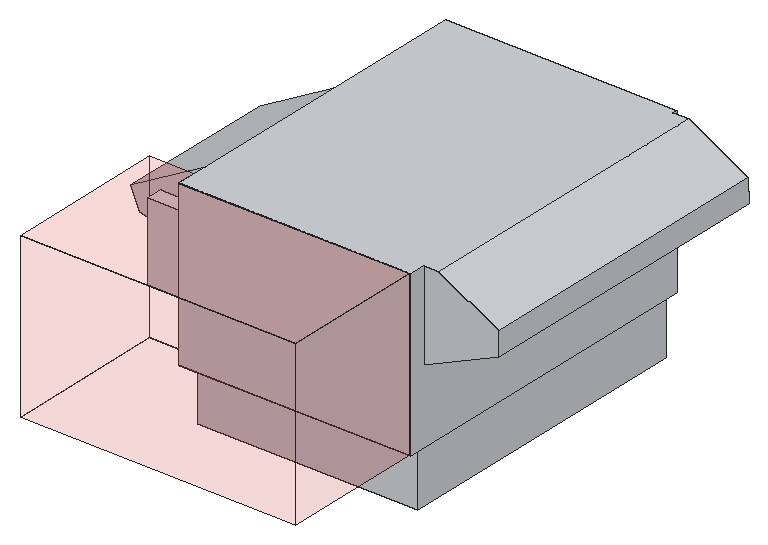
Revit family
Parameters (values of type "115 V Single Phase")
  Weight Scheduled [instance] = 915  # constant formula
  Voltage Workaround = Voltage / 1 V  # 115
  Voltage Scheduled = Voltage  # 115 V
  Voltage = 115 V
  VoltAmps Workaround [instance] = Voltage Workaround * Total FLA * sqrt(Phase)  # 0
  VoltAmps [instance] = VoltAmps Workaround * 1 VA  # 0 VA
  VFD [instance] = yes
  URL = "http://www.renewaire.com/_assets/files/SubmittalForms/HE4XRTSubmittal.pdf"
  Total FLA [instance] = if(or(Supply Motor FLA = 0, Exhaust Motor FLA = 0), 0, (Supply Motor FLA * Supply Motor Count) + (Exhaust Motor FLA * Exhaust Motor Count))  # 0
  Supply Motor RPM Scheduled [instance] = Supply Motor RPM  # 0
  Supply Motor RPM [instance] = if(and(or(Supply ESP = 0, Supply ESP > 0), Supply ESP < 0.25), if(Supply Motor HP = 2, if(Supply CFM > 3465 CFM, 0, if(Supply CFM > 3099 CFM, 1326, 1186)), if(Supply Motor HP = 3, if(Supply CFM > 3812 CFM, 0, 1455), if(Supply Motor HP = 5, if(Supply CFM > 4165 CFM, 0, 1623), 0))), if(and(or(Supply ESP = 0.25, Supply ESP > 0.25), Supply ESP < 0.5), if(Supply Motor HP = 2, if(Supply CFM > 3185 CFM, 0, if(Supply CFM > 2790 CFM, 1326, 1186)), if(Supply Motor HP = 3, if(Supply CFM > 3750 CFM, 0, if(Supply CFM > 3550 CFM, 1527, 1455)), if(Supply Motor HP = 5, if(Supply CFM > 4240 CFM, 0, if(Supply CFM > 3965 CFM, 1728, 1623)), 0))), if(and(or(Supply ESP = 0.5, Supply ESP > 0.5), Supply ESP < 0.75), if(Supply Motor HP = 2, if(Supply CFM > 2810 CFM, 0, if(Supply CFM > 2295 CFM, 1326, 1186)), if(Supply Motor HP = 3, if(Supply CFM > 3500 CFM, 0, if(Supply CFM > 3285 CFM, 1527, 1455)), if(Supply Motor HP = 5, if(Supply CFM > 4345 CFM, 0, if(Supply CFM > 4050 CFM, 1832, if(Supply CFM > 3750 CFM, 1728, 1623))), 0))), if(and(or(Supply ESP = 0.75, Supply ESP > 0.75), Supply ESP < 1), if(Supply Motor HP = 2, if(Supply CFM > 2335 CFM, 0, if(Supply CFM > 1790 CFM, 1326, 1186)), if(Supply Motor HP = 3, if(Supply CFM > 3350 CFM, 0, if(Supply CFM > 3085 CFM, 1598, if(Supply CFM > 2820 CFM, 1527, 1455))), if(Supply Motor HP = 5, if(Supply CFM > 4140 CFM, 0, if(Supply CFM > 3820 CFM, 1832, if(Supply CFM > 3475 CFM, 1728, 1623))), 0))), if(and(or(Supply ESP = 1, Supply ESP > 1), Supply ESP < 1.25), if(Supply Motor HP = 2, if(Supply CFM > 2451 CFM, 0, if(Supply CFM > 1885 CFM, 1466, if(Supply CFM > 1150 CFM, 1326, 1186))), if(Supply Motor HP = 3, if(Supply CFM > 3210 CFM, 0, if(Supply CFM > 2950 CFM, 1670, if(Supply CFM > 2676 CFM, 1598, if(Supply CFM > 2400 CFM, 1527, 1455)))), if(Supply Motor HP = 5, if(Supply CFM > 3850 CFM, 0, if(Supply CFM > 3450 CFM, 1832, if(Supply CFM > 3055 CFM, 1728, 1623))), 0))), if(and(or(Supply ESP = 1.25, Supply ESP > 1.25), Supply ESP < 1.5), if(Supply Motor HP = 2, if(Supply CFM > 2026 CFM, 0, if(Supply CFM > 1290 CFM, 1466, 1326)), if(Supply Motor HP = 3, if(Supply CFM > 2870 CFM, 0, if(Supply CFM > 2590 CFM, 1670, if(Supply CFM > 2300 CFM, 1598, if(Supply CFM > 1970 CFM, 1527, 1455)))), if(Supply Motor HP = 5, if(Supply CFM > 3490 CFM, 0, if(Supply CFM > 3050 CFM, 1832, if(Supply CFM > 2685 CFM, 1728, 1623))), 0))), if(Supply ESP = 1.5, if(Supply Motor HP = 2, if(Supply CFM > 1485 CFM, 0, 1466), if(Supply Motor HP = 3, if(Supply CFM > 2800 CFM, 0, if(Supply CFM > 2500 CFM, 1742, if(Supply CFM > 2175 CFM, 1670, if(Supply CFM > 1815 CFM, 1598, if(Supply CFM > 1450 CFM, 1527, 1455))))), if(Supply Motor HP = 5, if(Supply CFM > 3145 CFM, 0, if(Supply CFM > 2720 CFM, 1832, if(Supply CFM > 2290 CFM, 1728, 1623))), 0))), 0)))))))  # 0
  Supply Motor HP Scheduled [instance] = Supply Motor HP  # 0
  Supply Motor HP [instance] = 0
  Supply Motor FLA [instance] = if(VFD, if(Supply Motor BHP = 0, 0, if(Supply Motor HP = 2, if(and(or(Voltage = 208 V, Voltage = 230 V), Phase = 1), 6.1, if(and(or(Voltage = 208 V, Voltage = 230 V), Phase = 3), 6.1, if(and(Voltage = 460 V, Phase = 3), 2.9, if(and(Voltage = 575 V, Phase = 3), 2.4, 0)))), if(Supply Motor HP = 3, if(and(or(Voltage = 208 V, Voltage = 230 V), Phase = 1), 9.4, if(and(or(Voltage = 208 V, Voltage = 230 V), Phase = 3), 9.4, if(and(Voltage = 460 V, Phase = 3), 4.24, if(and(Voltage = 575 V, Phase = 3), 3.3, 0)))), if(Supply Motor HP = 5, if(and(or(Voltage = 208 V, Voltage = 230 V), Phase = 3), 14.5, if(and(Voltage = 460 V, Phase = 3), 6.7, if(and(Voltage = 575 V, Phase = 3), 5.3, 0))), 0)))), if(Supply Motor BHP = 0, 0, if(Supply Motor HP = 2, if(and(Voltage = 115 V, Phase = 1), 20, if(and(or(Voltage = 208 V, Voltage = 230 V), Phase = 1), 10.8, if(and(or(Voltage = 208 V, Voltage = 230 V), Phase = 3), 6.1, if(and(Voltage = 460 V, Phase = 3), 2.9, if(and(Voltage = 575 V, Phase = 3), 2.4, 0))))), if(Supply Motor HP = 3, if(and(or(Voltage = 208 V, Voltage = 230 V), Phase = 1), 13, if(and(or(Voltage = 208 V, Voltage = 230 V), Phase = 3), 9.4, if(and(Voltage = 460 V, Phase = 3), 4.2, if(and(Voltage = 575 V, Phase = 3), 3.3, 0)))), if(Supply Motor HP = 5, if(and(or(Voltage = 208 V, Voltage = 230 V), Phase = 3), 14.5, if(and(Voltage = 460 V, Phase = 3), 6.7, if(and(Voltage = 575 V, Phase = 3), 5.3, 0))), 0)))))  # 0
  Supply Motor Count Scheduled [instance] = Supply Motor Count  # 1
  Supply Motor Count [instance] = 1  # constant formula
  Supply Motor BHP [instance] = if(and(or(Supply ESP = 0, Supply ESP > 0), Supply ESP < 0.25), if(Supply Motor HP = 2, if(Supply CFM > 3465 CFM, 0, if(Supply CFM > 3099 CFM, 2.2, 1.5)), if(Supply Motor HP = 3, if(Supply CFM > 3812 CFM, 0, 2.7), if(Supply Motor HP = 5, if(Supply CFM > 4165 CFM, 0, 3.7), 0))), if(and(or(Supply ESP = 0.25, Supply ESP > 0.25), Supply ESP < 0.5), if(Supply Motor HP = 2, if(Supply CFM > 3185 CFM, 0, if(Supply CFM > 2790 CFM, 1.9, 1.3)), if(Supply Motor HP = 3, if(Supply CFM > 3750 CFM, 0, if(Supply CFM > 3550 CFM, 2.9, 2.5)), if(Supply Motor HP = 5, if(Supply CFM > 4240 CFM, 0, if(Supply CFM > 3965 CFM, 4.3, 3.5)), 0))), if(and(or(Supply ESP = 0.5, Supply ESP > 0.5), Supply ESP < 0.75), if(Supply Motor HP = 2, if(Supply CFM > 2810 CFM, 0, if(Supply CFM > 2295 CFM, 1.7, 1.1)), if(Supply Motor HP = 3, if(Supply CFM > 3500 CFM, 0, if(Supply CFM > 3285 CFM, 2.7, 2.3)), if(Supply Motor HP = 5, if(Supply CFM > 4345 CFM, 0, if(Supply CFM > 4050 CFM, 4.9, if(Supply CFM > 3750 CFM, 4, 3.3))), 0))), if(and(or(Supply ESP = 0.75, Supply ESP > 0.75), Supply ESP < 1), if(Supply Motor HP = 2, if(Supply CFM > 2335 CFM, 0, if(Supply CFM > 1790 CFM, 1.4, 0.8)), if(Supply Motor HP = 3, if(Supply CFM > 3350 CFM, 0, if(Supply CFM > 3085 CFM, 2.6, if(Supply CFM > 2820 CFM, 2.4, 2))), if(Supply Motor HP = 5, if(Supply CFM > 4140 CFM, 0, if(Supply CFM > 3820 CFM, 4.5, if(Supply CFM > 3475 CFM, 3.7, 3))), 0))), if(and(or(Supply ESP = 1, Supply ESP > 1), Supply ESP < 1.25), if(Supply Motor HP = 2, if(Supply CFM > 2451 CFM, 0, if(Supply CFM > 1885 CFM, 1.8, if(Supply CFM > 1150 CFM, 1.2, 0.6))), if(Supply Motor HP = 3, if(Supply CFM > 3210 CFM, 0, if(Supply CFM > 2950 CFM, 3, if(Supply CFM > 2676 CFM, 2.6, if(Supply CFM > 2400 CFM, 2.1, 1.7)))), if(Supply Motor HP = 5, if(Supply CFM > 3850 CFM, 0, if(Supply CFM > 3450 CFM, 4.2, if(Supply CFM > 3055 CFM, 3.3, 2.5))), 0))), if(and(or(Supply ESP = 1.25, Supply ESP > 1.25), Supply ESP < 1.5), if(Supply Motor HP = 2, if(Supply CFM > 2026 CFM, 0, if(Supply CFM > 1290 CFM, 1.5, 0.9)), if(Supply Motor HP = 3, if(Supply CFM > 2870 CFM, 0, if(Supply CFM > 2590 CFM, 2.7, if(Supply CFM > 2300 CFM, 2.3, if(Supply CFM > 1970 CFM, 1.9, 1.5)))), if(Supply Motor HP = 5, if(Supply CFM > 3490 CFM, 0, if(Supply CFM > 3050 CFM, 3.7, if(Supply CFM > 2685 CFM, 3, 2.3))), 0))), if(Supply ESP = 1.5, if(Supply Motor HP = 2, if(Supply CFM > 1485 CFM, 0, 1.2), if(Supply Motor HP = 3, if(Supply CFM > 2800 CFM, 0, if(Supply CFM > 2500 CFM, 2.9, if(Supply CFM > 2175 CFM, 2.4, if(Supply CFM > 1815 CFM, 2, if(Supply CFM > 1450 CFM, 1.5, 1.2))))), if(Supply Motor HP = 5, if(Supply CFM > 3145 CFM, 0, if(Supply CFM > 2720 CFM, 3.3, if(Supply CFM > 2290 CFM, 2.6, 2))), 0))), 0)))))))  # 0
  Supply ESP Scheduled [instance] = Supply ESP  # 0
  Supply ESP [instance] = 0
  Supply CFM Scheduled [instance] = Supply CFM  # 0 CFM
  Supply CFM [instance] = 0 CFM
  Supply Air Winter RH Scheduled [instance] = 0
  Supply Air Winter DB Scheduled [instance] = 0
  Supply Air Summer RH Scheduled [instance] = 0
  Supply Air Summer DB Scheduled [instance] = 0
  Phase Scheduled = Phase  # 3
  Phase = 3
  Outside Air Winter RH Scheduled [instance] = 0
  Outside Air Winter DB Scheduled [instance] = 0
  Outside Air Summer RH Scheduled [instance] = 0
  Outside Air Summer DB Scheduled [instance] = 0
  Number of Poles = 1
  Model = "HE4XRTV"
  Manufacturer = "RenewAire"
  MOCP Scheduled [instance] = MOCP  # 0
  MOCP [instance] = if(VFD, if(Total FLA = 0, 0, if(and(or(Voltage = 208 V, Voltage = 230 V), Phase = 1), if(and(Supply Motor HP = 2, Exhaust Motor HP = 2), 30, if(and(Supply Motor HP = 2, Exhaust Motor HP = 3), 40, if(and(Supply Motor HP = 3, Exhaust Motor HP = 2), 40, if(and(Supply Motor HP = 3, Exhaust Motor HP = 3), 45, 0)))), if(and(or(Voltage = 208 V, Voltage = 230 V), Phase = 3), if(and(Supply Motor HP = 2, Exhaust Motor HP = 2), 15, if(and(Supply Motor HP = 2, Exhaust Motor HP = 3), 25, if(and(Supply Motor HP = 2, Exhaust Motor HP = 5), 35, if(and(Supply Motor HP = 3, Exhaust Motor HP = 2), 25, if(and(Supply Motor HP = 3, Exhaust Motor HP = 3), 25, if(and(Supply Motor HP = 3, Exhaust Motor HP = 5), 40, if(and(Supply Motor HP = 5, Exhaust Motor HP = 2), 35, if(and(Supply Motor HP = 5, Exhaust Motor HP = 3), 40, if(and(Supply Motor HP = 5, Exhaust Motor HP = 5), 45, 0))))))))), if(and(Voltage = 460 V, Phase = 3), if(and(Supply Motor HP = 2, Exhaust Motor HP = 2), 15, if(and(Supply Motor HP = 2, Exhaust Motor HP = 3), 15, if(and(Supply Motor HP = 2, Exhaust Motor HP = 5), 15, if(and(Supply Motor HP = 3, Exhaust Motor HP = 2), 15, if(and(Supply Motor HP = 3, Exhaust Motor HP = 3), 15, if(and(Supply Motor HP = 3, Exhaust Motor HP = 5), 15, if(and(Supply Motor HP = 5, Exhaust Motor HP = 2), 15, if(and(Supply Motor HP = 5, Exhaust Motor HP = 3), 15, if(and(Supply Motor HP = 5, Exhaust Motor HP = 5), 20, 0))))))))), if(and(Voltage = 575 V, Phase = 3), if(and(Supply Motor HP = 2, Exhaust Motor HP = 2), 15, if(and(Supply Motor HP = 2, Exhaust Motor HP = 3), 15, if(and(Supply Motor HP = 2, Exhaust Motor HP = 5), 15, if(and(Supply Motor HP = 3, Exhaust Motor HP = 2), 15, if(and(Supply Motor HP = 3, Exhaust Motor HP = 3), 15, if(and(Supply Motor HP = 3, Exhaust Motor HP = 5), 15, if(and(Supply Motor HP = 5, Exhaust Motor HP = 2), 15, if(and(Supply Motor HP = 5, Exhaust Motor HP = 3), 15, if(and(Supply Motor HP = 5, Exhaust Motor HP = 5), 15, 0))))))))), 0))))), if(Total FLA = 0, 0, if(and(Voltage = 115 V, Phase = 1), if(and(Supply Motor HP = 2, Exhaust Motor HP = 2), 60, 0), if(and(or(Voltage = 208 V, Voltage = 230 V), Phase = 1), if(and(Supply Motor HP = 2, Exhaust Motor HP = 2), 35, if(and(Supply Motor HP = 2, Exhaust Motor HP = 3), 40, if(and(Supply Motor HP = 3, Exhaust Motor HP = 2), 40, if(and(Supply Motor HP = 3, Exhaust Motor HP = 3), 40, 0)))), if(and(or(Voltage = 208 V, Voltage = 230 V), Phase = 3), if(and(Supply Motor HP = 2, Exhaust Motor HP = 2), 15, if(and(Supply Motor HP = 2, Exhaust Motor HP = 3), 25, if(and(Supply Motor HP = 2, Exhaust Motor HP = 5), 35, if(and(Supply Motor HP = 3, Exhaust Motor HP = 2), 25, if(and(Supply Motor HP = 3, Exhaust Motor HP = 3), 25, if(and(Supply Motor HP = 3, Exhaust Motor HP = 5), 40, if(and(Supply Motor HP = 5, Exhaust Motor HP = 2), 35, if(and(Supply Motor HP = 5, Exhaust Motor HP = 3), 40, if(and(Supply Motor HP = 5, Exhaust Motor HP = 5), 45, 0))))))))), if(and(Voltage = 460 V, Phase = 3), if(and(Supply Motor HP = 2, Exhaust Motor HP = 2), 15, if(and(Supply Motor HP = 2, Exhaust Motor HP = 3), 15, if(and(Supply Motor HP = 2, Exhaust Motor HP = 5), 15, if(and(Supply Motor HP = 3, Exhaust Motor HP = 2), 15, if(and(Supply Motor HP = 3, Exhaust Motor HP = 3), 15, if(and(Supply Motor HP = 3, Exhaust Motor HP = 5), 15, if(and(Supply Motor HP = 5, Exhaust Motor HP = 2), 15, if(and(Supply Motor HP = 5, Exhaust Motor HP = 3), 15, if(and(Supply Motor HP = 5, Exhaust Motor HP = 5), 20, 0))))))))), if(and(Voltage = 575 V, Phase = 3), if(and(Supply Motor HP = 2, Exhaust Motor HP = 2), 15, if(and(Supply Motor HP = 2, Exhaust Motor HP = 3), 15, if(and(Supply Motor HP = 2, Exhaust Motor HP = 5), 15, if(and(Supply Motor HP = 3, Exhaust Motor HP = 2), 15, if(and(Supply Motor HP = 3, Exhaust Motor HP = 3), 15, if(and(Supply Motor HP = 3, Exhaust Motor HP = 5), 15, if(and(Supply Motor HP = 5, Exhaust Motor HP = 2), 15, if(and(Supply Motor HP = 5, Exhaust Motor HP = 3), 15, if(and(Supply Motor HP = 5, Exhaust Motor HP = 5), 15, 0))))))))), 0)))))))  # 0
  MCA Scheduled [instance] = MCA  # 0
  MCA [instance] = if(VFD, if(Total FLA = 0, 0, if(and(or(Voltage = 208 V, Voltage = 230 V), Phase = 1), if(and(Supply Motor HP = 2, Exhaust Motor HP = 2), 26, if(and(Supply Motor HP = 2, Exhaust Motor HP = 3), 33.9, if(and(Supply Motor HP = 3, Exhaust Motor HP = 2), 33.9, if(and(Supply Motor HP = 3, Exhaust Motor HP = 3), 40.2, 0)))), if(and(or(Voltage = 208 V, Voltage = 230 V), Phase = 3), if(and(Supply Motor HP = 2, Exhaust Motor HP = 2), 15, if(and(Supply Motor HP = 2, Exhaust Motor HP = 3), 19.6, if(and(Supply Motor HP = 2, Exhaust Motor HP = 5), 26.6, if(and(Supply Motor HP = 3, Exhaust Motor HP = 2), 19.6, if(and(Supply Motor HP = 3, Exhaust Motor HP = 3), 23.2, if(and(Supply Motor HP = 3, Exhaust Motor HP = 5), 30.3, if(and(Supply Motor HP = 5, Exhaust Motor HP = 2), 26.6, if(and(Supply Motor HP = 5, Exhaust Motor HP = 3), 30.3, if(and(Supply Motor HP = 5, Exhaust Motor HP = 5), 35.9, 0))))))))), if(and(Voltage = 460 V, Phase = 3), if(and(Supply Motor HP = 2, Exhaust Motor HP = 2), 7.2, if(and(Supply Motor HP = 2, Exhaust Motor HP = 3), 9, if(and(Supply Motor HP = 2, Exhaust Motor HP = 5), 12.4, if(and(Supply Motor HP = 3, Exhaust Motor HP = 2), 9, if(and(Supply Motor HP = 3, Exhaust Motor HP = 3), 10.5, if(and(Supply Motor HP = 3, Exhaust Motor HP = 5), 13.9, if(and(Supply Motor HP = 5, Exhaust Motor HP = 2), 12.4, if(and(Supply Motor HP = 5, Exhaust Motor HP = 3), 13.9, if(and(Supply Motor HP = 5, Exhaust Motor HP = 5), 16.6, 0))))))))), if(and(Voltage = 575 V, Phase = 3), if(and(Supply Motor HP = 2, Exhaust Motor HP = 2), 5.9, if(and(Supply Motor HP = 2, Exhaust Motor HP = 3), 7.2, if(and(Supply Motor HP = 2, Exhaust Motor HP = 5), 9.9, if(and(Supply Motor HP = 3, Exhaust Motor HP = 2), 7.2, if(and(Supply Motor HP = 3, Exhaust Motor HP = 3), 8.2, if(and(Supply Motor HP = 3, Exhaust Motor HP = 5), 10.9, if(and(Supply Motor HP = 5, Exhaust Motor HP = 2), 9.9, if(and(Supply Motor HP = 5, Exhaust Motor HP = 3), 10.9, if(and(Supply Motor HP = 5, Exhaust Motor HP = 5), 13.1, 0))))))))), 0))))), if(Total FLA = 0, 0, if(and(Voltage = 115 V, Phase = 1), if(and(Supply Motor HP = 2, Exhaust Motor HP = 2), 45, 0), if(and(or(Voltage = 208 V, Voltage = 230 V), Phase = 1), if(and(Supply Motor HP = 2, Exhaust Motor HP = 2), 24.3, if(and(Supply Motor HP = 2, Exhaust Motor HP = 3), 27.1, if(and(Supply Motor HP = 3, Exhaust Motor HP = 2), 27.1, if(and(Supply Motor HP = 3, Exhaust Motor HP = 3), 29.3, 0)))), if(and(or(Voltage = 208 V, Voltage = 230 V), Phase = 3), if(and(Supply Motor HP = 2, Exhaust Motor HP = 2), 13.6, if(and(Supply Motor HP = 2, Exhaust Motor HP = 3), 17.8, if(and(Supply Motor HP = 2, Exhaust Motor HP = 5), 24.2, if(and(Supply Motor HP = 3, Exhaust Motor HP = 2), 17.8, if(and(Supply Motor HP = 3, Exhaust Motor HP = 3), 21.1, if(and(Supply Motor HP = 3, Exhaust Motor HP = 5), 27.5, if(and(Supply Motor HP = 5, Exhaust Motor HP = 2), 24.2, if(and(Supply Motor HP = 5, Exhaust Motor HP = 3), 27.5, if(and(Supply Motor HP = 5, Exhaust Motor HP = 5), 32.6, 0))))))))), if(and(Voltage = 460 V, Phase = 3), if(and(Supply Motor HP = 2, Exhaust Motor HP = 2), 6.5, if(and(Supply Motor HP = 2, Exhaust Motor HP = 3), 8.2, if(and(Supply Motor HP = 2, Exhaust Motor HP = 5), 11.3, if(and(Supply Motor HP = 3, Exhaust Motor HP = 2), 8.2, if(and(Supply Motor HP = 3, Exhaust Motor HP = 3), 9.5, if(and(Supply Motor HP = 3, Exhaust Motor HP = 5), 12.6, if(and(Supply Motor HP = 5, Exhaust Motor HP = 2), 11.3, if(and(Supply Motor HP = 5, Exhaust Motor HP = 3), 12.6, if(and(Supply Motor HP = 5, Exhaust Motor HP = 5), 15.1, 0))))))))), if(and(Voltage = 575 V, Phase = 3), if(and(Supply Motor HP = 2, Exhaust Motor HP = 2), 5.4, if(and(Supply Motor HP = 2, Exhaust Motor HP = 3), 6.5, if(and(Supply Motor HP = 2, Exhaust Motor HP = 5), 9, if(and(Supply Motor HP = 3, Exhaust Motor HP = 2), 6.5, if(and(Supply Motor HP = 3, Exhaust Motor HP = 3), 7.4, if(and(Supply Motor HP = 3, Exhaust Motor HP = 5), 9.9, if(and(Supply Motor HP = 5, Exhaust Motor HP = 2), 9, if(and(Supply Motor HP = 5, Exhaust Motor HP = 3), 9.9, if(and(Supply Motor HP = 5, Exhaust Motor HP = 5), 11.9, 0))))))))), 0)))))))  # 0
  FLA Scheduled [instance] = Total FLA  # 0
  Exhaust RH Scheduled [instance] = 0
  Exhaust Motor RPM Scheduled [instance] = Exhaust Motor RPM  # 0
  Exhaust Motor RPM [instance] = if(and(or(Exhaust ESP = 0, Exhaust ESP > 0), Exhaust ESP < 0.25), if(Exhaust Motor HP = 2, if(Exhaust CFM > 3465 CFM, 0, if(Exhaust CFM > 3099 CFM, 1326, 1186)), if(Exhaust Motor HP = 3, if(Exhaust CFM > 3812 CFM, 0, 1455), if(Exhaust Motor HP = 5, if(Exhaust CFM > 4165 CFM, 0, 1623), 0))), if(and(or(Exhaust ESP = 0.25, Exhaust ESP > 0.25), Exhaust ESP < 0.5), if(Exhaust Motor HP = 2, if(Exhaust CFM > 3185 CFM, 0, if(Exhaust CFM > 2790 CFM, 1326, 1186)), if(Exhaust Motor HP = 3, if(Exhaust CFM > 3750 CFM, 0, if(Exhaust CFM > 3550 CFM, 1527, 1455)), if(Exhaust Motor HP = 5, if(Exhaust CFM > 4240 CFM, 0, if(Exhaust CFM > 3965 CFM, 1728, 1623)), 0))), if(and(or(Exhaust ESP = 0.5, Exhaust ESP > 0.5), Exhaust ESP < 0.75), if(Exhaust Motor HP = 2, if(Exhaust CFM > 2810 CFM, 0, if(Exhaust CFM > 2295 CFM, 1326, 1186)), if(Exhaust Motor HP = 3, if(Exhaust CFM > 3500 CFM, 0, if(Exhaust CFM > 3285 CFM, 1527, 1455)), if(Exhaust Motor HP = 5, if(Exhaust CFM > 4345 CFM, 0, if(Exhaust CFM > 4050 CFM, 1832, if(Exhaust CFM > 3750 CFM, 1728, 1623))), 0))), if(and(or(Exhaust ESP = 0.75, Exhaust ESP > 0.75), Exhaust ESP < 1), if(Exhaust Motor HP = 2, if(Exhaust CFM > 2335 CFM, 0, if(Exhaust CFM > 1790 CFM, 1326, 1186)), if(Exhaust Motor HP = 3, if(Exhaust CFM > 3350 CFM, 0, if(Exhaust CFM > 3085 CFM, 1598, if(Exhaust CFM > 2820 CFM, 1527, 1455))), if(Exhaust Motor HP = 5, if(Exhaust CFM > 4140 CFM, 0, if(Exhaust CFM > 3820 CFM, 1832, if(Exhaust CFM > 3475 CFM, 1728, 1623))), 0))), if(and(or(Exhaust ESP = 1, Exhaust ESP > 1), Exhaust ESP < 1.25), if(Exhaust Motor HP = 2, if(Exhaust CFM > 2451 CFM, 0, if(Exhaust CFM > 1885 CFM, 1466, if(Exhaust CFM > 1150 CFM, 1326, 1186))), if(Exhaust Motor HP = 3, if(Exhaust CFM > 3210 CFM, 0, if(Exhaust CFM > 2950 CFM, 1670, if(Exhaust CFM > 2676 CFM, 1598, if(Exhaust CFM > 2400 CFM, 1527, 1455)))), if(Exhaust Motor HP = 5, if(Exhaust CFM > 3850 CFM, 0, if(Exhaust CFM > 3450 CFM, 1832, if(Exhaust CFM > 3055 CFM, 1728, 1623))), 0))), if(and(or(Exhaust ESP = 1.25, Exhaust ESP > 1.25), Exhaust ESP < 1.5), if(Exhaust Motor HP = 2, if(Exhaust CFM > 2026 CFM, 0, if(Exhaust CFM > 1290 CFM, 1466, 1326)), if(Exhaust Motor HP = 3, if(Exhaust CFM > 2870 CFM, 0, if(Exhaust CFM > 2590 CFM, 1670, if(Exhaust CFM > 2300 CFM, 1598, if(Exhaust CFM > 1970 CFM, 1527, 1455)))), if(Exhaust Motor HP = 5, if(Exhaust CFM > 3490 CFM, 0, if(Exhaust CFM > 3050 CFM, 1832, if(Exhaust CFM > 2685 CFM, 1728, 1623))), 0))), if(Exhaust ESP = 1.5, if(Exhaust Motor HP = 2, if(Exhaust CFM > 1485 CFM, 0, 1466), if(Exhaust Motor HP = 3, if(Exhaust CFM > 2800 CFM, 0, if(Exhaust CFM > 2500 CFM, 1742, if(Exhaust CFM > 2175 CFM, 1670, if(Exhaust CFM > 1815 CFM, 1598, if(Exhaust CFM > 1450 CFM, 1527, 1455))))), if(Exhaust Motor HP = 5, if(Exhaust CFM > 3145 CFM, 0, if(Exhaust CFM > 2720 CFM, 1832, if(Exhaust CFM > 2290 CFM, 1728, 1623))), 0))), 0)))))))  # 0
  Exhaust Motor HP Scheduled [instance] = Exhaust Motor HP  # 0
  Exhaust Motor HP [instance] = 0
  Exhaust Motor FLA [instance] = if(Exhaust Motor BHP = 0, 0, if(Exhaust Motor HP = 2, if(and(Voltage = 115 V, Phase = 1), 20, if(and(or(Voltage = 208 V, Voltage = 230 V), Phase = 1), 10.8, if(and(or(Voltage = 208 V, Voltage = 230 V), Phase = 3), 6, if(and(Voltage = 460 V, Phase = 3), 2.9, if(and(Voltage = 575 V, Phase = 3), 2.2, 0))))), if(Exhaust Motor HP = 3, if(and(or(Voltage = 208 V, Voltage = 230 V), Phase = 1), 13, if(and(or(Voltage = 208 V, Voltage = 230 V), Phase = 3), 8.65, if(and(Voltage = 460 V, Phase = 3), 3.9, if(and(Voltage = 575 V, Phase = 3), 3.2, 0)))), if(Exhaust Motor HP = 5, if(and(or(Voltage = 208 V, Voltage = 230 V), Phase = 3), 14.2, if(and(Voltage = 460 V, Phase = 3), 6.4, if(and(Voltage = 575 V, Phase = 3), 5, 0))), 0))))  # 0
  Exhaust Motor Count Scheduled [instance] = Exhaust Motor Count  # 1
  Exhaust Motor Count [instance] = 1  # constant formula
  Exhaust Motor BHP [instance] = if(and(or(Exhaust ESP = 0, Exhaust ESP > 0), Exhaust ESP < 0.25), if(Exhaust Motor HP = 2, if(Exhaust CFM > 3465 CFM, 0, if(Exhaust CFM > 3099 CFM, 2.2, 1.5)), if(Exhaust Motor HP = 3, if(Exhaust CFM > 3812 CFM, 0, 2.7), if(Exhaust Motor HP = 5, if(Exhaust CFM > 4165 CFM, 0, 3.7), 0))), if(and(or(Exhaust ESP = 0.25, Exhaust ESP > 0.25), Exhaust ESP < 0.5), if(Exhaust Motor HP = 2, if(Exhaust CFM > 3185 CFM, 0, if(Exhaust CFM > 2790 CFM, 1.9, 1.3)), if(Exhaust Motor HP = 3, if(Exhaust CFM > 3750 CFM, 0, if(Exhaust CFM > 3550 CFM, 2.9, 2.5)), if(Exhaust Motor HP = 5, if(Exhaust CFM > 4240 CFM, 0, if(Exhaust CFM > 3965 CFM, 4.3, 3.5)), 0))), if(and(or(Exhaust ESP = 0.5, Exhaust ESP > 0.5), Exhaust ESP < 0.75), if(Exhaust Motor HP = 2, if(Exhaust CFM > 2810 CFM, 0, if(Exhaust CFM > 2295 CFM, 1.7, 1.1)), if(Exhaust Motor HP = 3, if(Exhaust CFM > 3500 CFM, 0, if(Exhaust CFM > 3285 CFM, 2.7, 2.3)), if(Exhaust Motor HP = 5, if(Exhaust CFM > 4345 CFM, 0, if(Exhaust CFM > 4050 CFM, 4.9, if(Exhaust CFM > 3750 CFM, 4, 3.3))), 0))), if(and(or(Exhaust ESP = 0.75, Exhaust ESP > 0.75), Exhaust ESP < 1), if(Exhaust Motor HP = 2, if(Exhaust CFM > 2335 CFM, 0, if(Exhaust CFM > 1790 CFM, 1.4, 0.8)), if(Exhaust Motor HP = 3, if(Exhaust CFM > 3350 CFM, 0, if(Exhaust CFM > 3085 CFM, 2.6, if(Exhaust CFM > 2820 CFM, 2.4, 2))), if(Exhaust Motor HP = 5, if(Exhaust CFM > 4140 CFM, 0, if(Exhaust CFM > 3820 CFM, 4.5, if(Exhaust CFM > 3475 CFM, 3.7, 3))), 0))), if(and(or(Exhaust ESP = 1, Exhaust ESP > 1), Exhaust ESP < 1.25), if(Exhaust Motor HP = 2, if(Exhaust CFM > 2451 CFM, 0, if(Exhaust CFM > 1885 CFM, 1.8, if(Exhaust CFM > 1150 CFM, 1.2, 0.6))), if(Exhaust Motor HP = 3, if(Exhaust CFM > 3210 CFM, 0, if(Exhaust CFM > 2950 CFM, 3, if(Exhaust CFM > 2676 CFM, 2.6, if(Exhaust CFM > 2400 CFM, 2.1, 1.7)))), if(Exhaust Motor HP = 5, if(Exhaust CFM > 3850 CFM, 0, if(Exhaust CFM > 3450 CFM, 4.2, if(Exhaust CFM > 3055 CFM, 3.3, 2.5))), 0))), if(and(or(Exhaust ESP = 1.25, Exhaust ESP > 1.25), Exhaust ESP < 1.5), if(Exhaust Motor HP = 2, if(Exhaust CFM > 2026 CFM, 0, if(Exhaust CFM > 1290 CFM, 1.5, 0.9)), if(Exhaust Motor HP = 3, if(Exhaust CFM > 2870 CFM, 0, if(Exhaust CFM > 2590 CFM, 2.7, if(Exhaust CFM > 2300 CFM, 2.3, if(Exhaust CFM > 1970 CFM, 1.9, 1.5)))), if(Exhaust Motor HP = 5, if(Exhaust CFM > 3490 CFM, 0, if(Exhaust CFM > 3050 CFM, 3.7, if(Exhaust CFM > 2685 CFM, 3, 2.3))), 0))), if(Exhaust ESP = 1.5, if(Exhaust Motor HP = 2, if(Exhaust CFM > 1485 CFM, 0, 1.2), if(Exhaust Motor HP = 3, if(Exhaust CFM > 2800 CFM, 0, if(Exhaust CFM > 2500 CFM, 2.9, if(Exhaust CFM > 2175 CFM, 2.4, if(Exhaust CFM > 1815 CFM, 2, if(Exhaust CFM > 1450 CFM, 1.5, 1.2))))), if(Exhaust Motor HP = 5, if(Exhaust CFM > 3145 CFM, 0, if(Exhaust CFM > 2720 CFM, 3.3, if(Exhaust CFM > 2290 CFM, 2.6, 2))), 0))), 0)))))))  # 0
  Exhaust ESP Scheduled [instance] = Exhaust ESP  # 0
  Exhaust ESP [instance] = 0
  Exhaust DB Scheduled [instance] = 0
  Exhaust CFM Scheduled [instance] = Exhaust CFM  # 0 CFM
  Exhaust CFM [instance] = 0 CFM
  Enthalpy Effect Winter Scheduled [instance] = 0
  Enthalpy Effect Summer Scheduled [instance] = 0
Types (8): name | Voltage Workaround | Voltage Scheduled | Voltage | Phase Scheduled | Phase | Number of Poles
  (no name) | 115 | 115 V | 115 V | 3 | 3 | 1
  208 V Single Phase | 208 | 208 V | 208 V | 1 | 1 | 2
  230 V Single Phase | 230 | 230 V | 230 V | 1 | 1 | 2
  208 V Three Phase | 208 | 208 V | 208 V | 3 | 3 | 3
  230 V Three Phase | 230 | 230 V | 230 V | 3 | 3 | 3
  460 V Three Phase | 460 | 460 V | 460 V | 3 | 3 | 3
  575 V Three Phase | 575 | 575 V | 575 V | 3 | 3 | 3
  115 V Single Phase | 115 | 115 V | 115 V | 3 | 3 | 1
Reference planes (in)
  plane 1 "Center (Front/Back)": y = 0
  plane 2: z = 0
  plane 3 "Center (Left/Right)": x = 0
Forms (in)
  Extrusion 1, solid
    sketch origin (0, 0, 0) x (1, 0, 0) y (0, 1, 0)
      loop
        line (-28.5, 41) -> (-28.5, -41) -> (28.5, -41) -> (28.5, 41) -> (-28.5, 41)
    from 14 to 54.25
  Extrusion 2, solid
    sketch origin (0.25, 0.875, 0) x (1, 0, 0) y (0, 1, 0)
      loop
        line (-27.0625, 38.1875) -> (-27.0625, -38.1875) -> (27.0625, -38.1875) -> (27.0625, 38.1875) -> (-27.0625, 38.1875)
    from 0 to 14
  Extrusion 3, solid
    sketch origin (0, 0, 0) x (1, 0, 0) y (0, 0, 1)
      loop
        line (-44.62254, 38.67542) -> (-28.5, 34.375) -> (-28.5, 54.25) -> (-46.875, 43.78579) -> (-44.62254, 38.67542)
    from -7 to 32.875
  Extrusion 4, solid
    sketch origin (0, 0, 0) x (1, 0, 0) y (0, 0, 1)
      loop
        line (28.5, 32.375) -> (47, 40.48033) -> (47, 46.38737) -> (32.25, 54.25) -> (28.5, 54.25) -> (28.5, 32.375)
    from -40 to 37
  Extrusion 5, solid
    sketch origin (0, -0.25, 0) x (1, 0, 0) y (0, 1, 0)
      loop
        line (28.5, -41) -> (-28.5, -41) -> (-28.5, -36) -> (-39.5, -36) -> (-39.5, -76) -> (28.5, -76) -> (28.5, -41)
    from 14 to 54.25
  Extrusion 6, solid
    sketch origin (-28.5, 27.06731, 0) x (0, 1, 0) y (0, 0, -1)
      loop
        line (-59.94231, -45.25) -> (-59.94231, -26) -> (-63.94231, -26) -> (-63.94231, -45.25) -> (-59.94231, -45.25)
    from 0 to 11
Cuts and joins
  joined: Extrusion 1, Extrusion 2, Extrusion 3, Extrusion 4, Extrusion 6
Lines and regions (in)
  Split face 1
    outline origin (0.25, 0.875, 0) x (1, 0, 0) y (0, 1, 0)
      loop
        line (-10.4375, -31.6875) -> (-10.4375, 2.3125) -> (-25.1875, 2.3125) -> (-25.1875, -31.6875) -> (-10.4375, -31.6875)
  Split face 2
    outline origin (0.25, 0.875, 0) x (1, 0, 0) y (0, 1, 0)
      loop
        line (25.1875, -11.9375) -> (25.1875, 36.3125) -> (11.9375, 36.3125) -> (11.9375, -11.9375) -> (25.1875, -11.9375)
Dimensions and locks (in)
  cut or joined group of Extrusion 1, Extrusion 2, Extrusion 3, Extrusion 4, Extrusion 6 to cut or joined group of Extrusion 1, Extrusion 2, Extrusion 3, Extrusion 4, Extrusion 6 = 6' - 10"
Connectors (in)
  hvac at (18.8125, 13.0625, 0), driven by "Exhaust CFM"
    settings: on Extrusion 2, index 1, duct flow 0 CFM, flow factor 0, pres drop 0.00 in-wg, loss coef 0, conn angle 0.00°, conn width 11", conn height 46", conn radius 12", duct sys type 3, conn prof type 1, flow config 0, flow direction 1, loss method 0, conn ref index -1, conn util no, is conn primary yes, conn desc ""
  hvac at (-17.5625, -13.8125, 0), driven by "Supply CFM"
    settings: on Extrusion 2, index 2, duct flow 0 CFM, flow factor 0, pres drop 0.00 in-wg, loss coef 0, conn angle 0.00°, conn width 12", conn height 32", conn radius 12", duct sys type 1, conn prof type 1, flow config 0, flow direction 2, loss method 0, conn ref index -1, conn util no, is conn primary no, conn desc ""
  electrical at (-39.5, -34.875, 35.625), driven by "VoltAmps", driven by "Voltage", driven by "Number of Poles"
    settings: on Extrusion 6, index 3, voltage 115 V, apparent load 0 VA, apparent load phase1 0 VA, apparent load phase2 0 VA, apparent load phase3 0 VA, power factor 1, load classification "HVAC", number of poles 1, system type 30, power factor state 1, is connector primary yes, connector utility no, sub classification motor no, connector description ""
